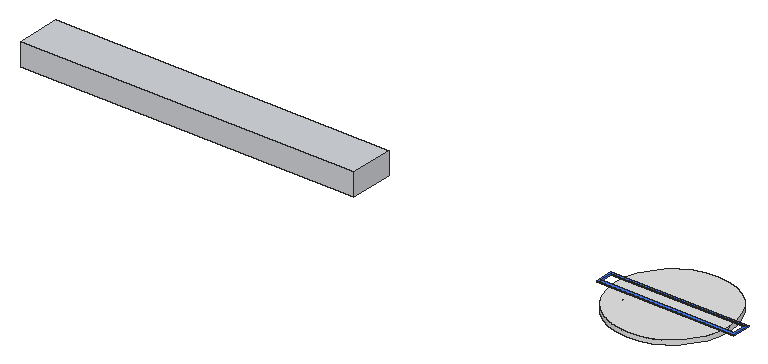
Revit family "290175 OmniLED R Round S NM ST LED 230V 1t", category Lighting Fixtures, Revit 2016
Family settings
  Part Type = Normal
  Round Connector Dimension = Use Diameter
  OmniClass Number = 23.80.70.11.21
  OmniClass Title = Emergency Lighting
  Work Plane-Based = No
  Always vertical = Yes
  Cut with Voids When Loaded = No
  Light Source = Yes
  Shared = No
  Room Calculation Point = No
Parameters (values of type "Med batteri")
  Wattage = 9.2903 W
  built-in parameter 1150110 = 1 (stored number, unit not read)
  Type Comments = "-UN"
  built-in parameter 1114217 = 1 (stored number, unit not read)
  Tilt Angle = 90.00°
  built-in parameter 1150109 = 1 (stored number, unit not read)
  built-in parameter 1150134 = 3
  built-in parameter 1150113 = 1 (stored number, unit not read)
  Photometric Web File = "2x4 3Lamp.ies"
  Number of Poles = 1
  Symbol Positive Direction [instance] = yes
  NS8360 = "4432_WT2"
  Manufacturer = "Honeywell"
  built-in parameter 1150105 = 109.82 (stored number, unit not read)
  Lumens = 1380 lm
  built-in parameter 1150115 = 1 (stored number, unit not read)
  built-in parameter 1150137 = (empty or 0)
  built-in parameter 1150139 = (empty or 0)
  built-in parameter 1150112 = 1 (stored number, unit not read)
  built-in parameter 1150114 = 1 (stored number, unit not read)
  Keynote = "WT2"
  Kabellengde = 220.335 mm
  built-in parameter 1150132 = (empty or 0)
  built-in parameter 1150102 = (empty or 0)
  built-in parameter 1150107 = 3200 (stored number, unit not read)
  built-in parameter 1150138 = (empty or 0)
  built-in parameter 1150106 = 1.0982 (stored number, unit not read)
  Height = 4 mm
  Voltage = 230 V
  Symbol Offset Side [instance] = 0 mm
  Symbol Offset Out [instance] = 0 mm
  Material = Plastic - White
  Loads [instance] = 0 VA
  Emit from Circle Diameter = Diameter  # 102 mm
  Diameter = 102 mm
  Glass Material = Plastic - Transparent
  Emit Shape Visible in Rendering = no
  built-in parameter 1150104 = 13.8 (stored number, unit not read)
  Dimming Lamp Color Temperature Shift = <None>
  Color Filter = 16777215
  Batteri lengde = 300 mm
  Batteri høyde = 20 mm
  Batteri bredde = 40 mm
  Batteri = yes
  built-in parameter 1114218 = 1 (stored number, unit not read)
  built-in parameter 1150133 = 10 (stored number, unit not read)
  Assembly Code = "4432"
Types (2, lengths in mm): name | Type Comments | NS8360 | Manufacturer | Keynote | Batteri | Assembly Code
  Med batteri | "-UN" | "4432_WT2" | "Honeywell" | "WT2" | yes | "4432"
  Uten Batteri | 0 | "" | 0 | 0 | no | 0
Reference planes
  plane 1 "Light Source Axis (F/B)": y = 0
  plane 2: z = 0
  plane 3 "Light Source Axis (L/R)": x = 0
  plane 4 "Light Source Elevation": z = 0
  plane 5: z = -4
  plane 6 "rp": z = 1
  plane 7: x = 51
  plane 8: x = -51
  plane 9: x = 36
  plane 10: z = -2
  plane 11: y = -6
  plane 12: y = 6
  plane 13: x = 60
  plane 14: x = -60
  plane 15: x = -571.335
  plane 16: x = -271.335
  plane 17: y = 20
  plane 18: y = -20
  plane 19: z = 20
Forms (mm)
  Extrusion 1, solid, material "Plastic - White" <- "Material"
    sketch origin (0, 0, 0) x (1, 0, 0) y (0, 1, 0)
      loop
        circle (0, 0) r 51
    from 0 to -4
  Revolve 2, void
    sketch origin (0, 0, 0) x (1, 0, 0) y (0, 0, 1)
      loop
        line (0, -2) -> (0, -4) -> (36, -4) -> (36, -2) -> (0, -2)
      axis (0, -4) -> (0, -2)
    angle from 0 to 360
  Revolve 3, solid, material "Plastic - Transparent"
    sketch origin (0, 0, 0) x (1, 0, 0) y (0, 0, 1)
      loop
        line (0, -2) -> (0, -4) -> (3.123, -4) -> (3.123, -2) -> (0, -2)
      axis (0, -2) -> (0, -4)
    angle from 0 to 360
  Extrusion 4, solid, material "Plastic - Blue"
    sketch origin (0, 0, 0) x (1, 0, 0) y (0, 1, 0)
      loop
        line (-60, 6) -> (-60, -6) -> (60, -6) -> (60, 6) -> (-60, 6)
      loop
        line (-62, 8) -> (-62, -8) -> (62, -8) -> (62, 8) -> (-62, 8)
    from 0 to 1
  Extrusion 5, solid, visible <- "Batteri"
    sketch origin (0, 0, 0) x (1, 0, 0) y (0, 1, 0)
      loop
        line (-571.335, 20) -> (-571.335, -20) -> (-271.335, -20) -> (-271.335, 20) -> (-571.335, 20)
    from 0 to 20
Cuts and joins
  Revolve 2 cuts Extrusion 1
Lines and regions (mm)
  model lines, visible <- "Batteri"
    curve 1: line (-271.335, 0, 0) -> (-51, 0, 0)
Dimensions and locks
  plane 4 "Light Source Elevation" to plane 2 = 0 mm
  "Height": plane 4 "Light Source Elevation" to plane 5
  plane 6 "rp" to plane 4 "Light Source Elevation" = 1 mm
  equal spacing: plane 7, plane 3 "Light Source Axis (L/R)", plane 8
  "Emit from Circle Diameter": plane 7 to plane 8
  locked: plane 7 to plane 9 at 15
  locked: plane 10 to plane 5 at 2
  plane 12 to plane 1 "Light Source Axis (F/B)" to plane 11 = 6 mm locked, 6 mm locked
  plane 14 to plane 3 "Light Source Axis (L/R)" to plane 13 = 60 mm locked, 60 mm locked
  "Kabellengde": plane 16 to plane 8
  "Batteri lengde": plane 15 to plane 16
  equal spacing: plane 17, plane 1 "Light Source Axis (F/B)", plane 18
  "Batteri bredde": plane 17 to plane 18
  "Batteri høyde": plane 19 to level
  "Diameter": diameter of Extrusion 1 sketch curve
  aligned and locked: plane 2 to level
  aligned and locked: plane 1 "Light Source Axis (F/B)" to nested 1
  aligned and locked: plane 3 "Light Source Axis (L/R)" to nested 1
  aligned and locked: Extrusion 1 to plane 4 "Light Source Elevation"
  aligned and locked: imposter light to plane 3 "Light Source Axis (L/R)"
  aligned and locked: imposter light to plane 5
  aligned and locked: imposter light to plane 1 "Light Source Axis (F/B)"
  aligned and locked: Extrusion 1 to plane 5
  aligned and locked: plane 1 "Light Source Axis (F/B)" to Extrusion 1 sketch curve
  aligned and locked: plane 3 "Light Source Axis (L/R)" to Extrusion 1 sketch curve
  aligned and locked: Revolve 2 sketch curve to plane 3 "Light Source Axis (L/R)"
  aligned and locked: Revolve 2 sketch curve to plane 5
  aligned and locked: Revolve 2 sketch curve to plane 9
  aligned and locked: Revolve 2 sketch curve to plane 10
  aligned and locked: plane 3 "Light Source Axis (L/R)" to Revolve 2 sketch curve
  aligned and locked: Revolve 3 sketch curve to cut or joined group of Extrusion 1, Revolve 2
  aligned and locked: plane 3 "Light Source Axis (L/R)" to Revolve 3 sketch curve
  aligned and locked: plane 5 to Revolve 3 sketch curve
  aligned and locked: Extrusion 4 sketch curve to plane 12
  aligned and locked: plane 14 to Extrusion 4 sketch curve
  aligned and locked: plane 11 to Extrusion 4 sketch curve
  aligned and locked: Extrusion 4 sketch curve to plane 13
  aligned and locked: plane 6 "rp" to Extrusion 4
  aligned and locked: plane 1 "Light Source Axis (F/B)" to curve 1
  aligned and locked: plane 16 to curve 1
  aligned and locked: plane 8 to curve 1
  aligned and locked: Extrusion 5 sketch curve to plane 17
  aligned and locked: plane 15 to Extrusion 5 sketch curve
  aligned and locked: plane 18 to Extrusion 5 sketch curve
  aligned and locked: Extrusion 5 sketch curve to plane 16
  aligned and locked: plane 19 to Extrusion 5
Automatic sketch dimensions
  Revolve 2 sketch curve to Revolve 2 sketch curve = 5.243 mm
  plane 10 to Revolve 2 sketch curve = 0.889 mm
  Revolve 3 sketch curve to plane 3 "Light Source Axis (L/R)" = 0 mm
  Revolve 3 sketch curve to plane 6 "rp" = 0 mm
  plane 3 "Light Source Axis (L/R)" to Revolve 3 sketch curve = 3.123 mm
  Revolve 3 sketch curve to Revolve 3 sketch curve = 0.796 mm
  Extrusion 4 sketch curve to plane 14 = 2 mm
  plane 13 to Extrusion 4 sketch curve = 2 mm
  Extrusion 4 sketch curve to plane 11 = 2 mm
  plane 12 to Extrusion 4 sketch curve = 2 mm
  Extrusion 4 sketch curve to plane 14 = 0 mm
  Extrusion 4 sketch curve to plane 12 = 0 mm
  Extrusion 4 sketch curve to plane 11 = 0 mm
  Extrusion 4 sketch curve to plane 13 = 0 mm
Nested families
  nested 1: "LedelysS" at (0, 0, 0), type "Type 1"
Connectors
  electrical at (0, 0, 0), driven by "Voltage", driven by "Loads", driven by "Number of Poles", driven by "Loads"
    settings: on plane 4 "Light Source Elevation", index 1, voltage 230 V, apparent load 0 VA, apparent load phase1 0 VA, apparent load phase2 0 VA, apparent load phase3 0 VA, power factor 1, load classification "Lighting", number of poles 1, system type 30, power factor state 1, is connector primary yes, connector utility no, sub classification motor no, connector description ""
Definition of nested family "LedelysS"
  Parameters
    CQ Symbol Positive Direction = yes
    CQ Symbol Negative Direction = not(CQ Symbol Positive Direction)  # no
    CQ Symbol Offset Side = 0 mm
    CQ Symbol Offset Out = 0 mm
  Reference planes
    plane 1: y = 0
    plane 2: x = 0
  Dimensions and locks
    "CQ Symbol Offset Out": plane 1 to nested 1
    "CQ Symbol Offset Out": plane 1 to nested 2
    "CQ Symbol Offset Side": plane 2 to nested 2
    "CQ Symbol Offset Side": nested 1 to plane 2
  Nested families
    nested 1: "LedelysSub" at (0, 0, 0), visible <- "CQ Symbol Negative Direction", type "Type 1"
    nested 2: "LedelysSub" at (0, 0, 0), visible <- "CQ Symbol Positive Direction", type "Type 1"
  Definition of nested family "LedelysSub"
    Reference planes
      plane 1: y = 0
      plane 2: x = 0
    Lines and regions (mm)
      detail lines
        curve 1: line (-4, -2, 0) -> (4, -2, 0)
        curve 2: line (4, -2, 0) -> (4, 2, 0)
        curve 3: line (4, 2, 0) -> (-4, 2, 0)
        curve 4: line (-4, 2, 0) -> (-4, -2, 0)
        curve 5: line (-3.097, -1.25, 0) -> (-0.597, 1.25, 0)
        curve 6: line (-3.097, 1.25, 0) -> (-0.597, -1.25, 0)
        curve 7: circle (-1.847, 0, 0) r 1.2 normal (0, 0, 1)
    Text (mm)
      text "LL" at (2.179, 1.025, 0)
